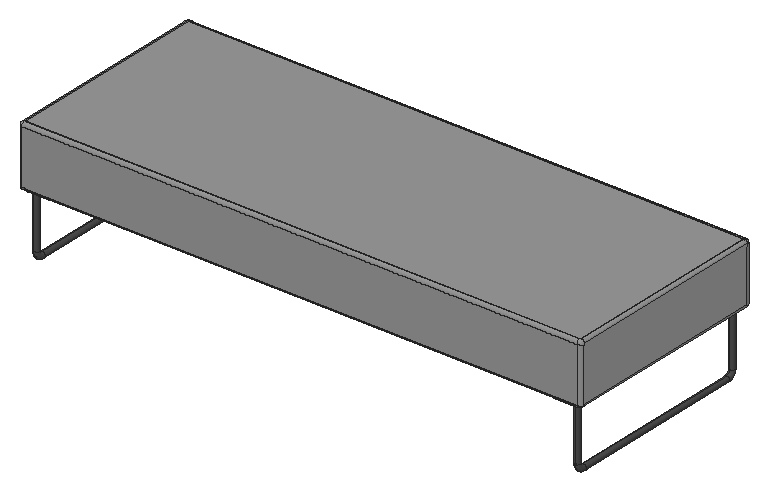
Revit family "Akt Ottoman Triple", category Generic Models, Revit 2018
Family settings
  Can host rebar = No
  Round Connector Dimension = Use Diameter
  Part Type = Normal
  Work Plane-Based = No
  Always vertical = Yes
  Cut with Voids When Loaded = No
  Shared = No
  Room Calculation Point = No
Parameters
  Fabric = Akt Ottoman Triple Fabric
Reference planes (in)
  plane 1 "Center (Front/Back)": y = 0
  plane 2: z = 0
  plane 3 "Center (Left/Right)": x = 0
Forms (in)
  Extrusion 1, solid, material "Akt Frame Black"
    sketch origin (-12.25, 0, 0) x (1, 0, 0) y (0, 1, 0)
      loop
        arc (-22.5, 13.75) -> (-22.71967, 14.28033) -> (-23.25, 14.5) r 0.75
        line (-23.25, 14.5) -> (-25.75, 14.5)
        arc (-25.75, 14.5) -> (-26.28033, 14.28033) -> (-26.5, 13.75) r 0.75
        line (-26.5, 13.75) -> (-26.5, -13.75)
        arc (-26.5, -13.75) -> (-26.28033, -14.28033) -> (-25.75, -14.5) r 0.75
        line (-25.75, -14.5) -> (-23.25, -14.5)
        arc (-23.25, -14.5) -> (-22.71967, -14.28033) -> (-22.5, -13.75) r 0.75
        line (-22.5, -13.75) -> (-22.5, 13.75)
    from 9.05316 to 9.17127
  Sweep 2, solid, material "Akt Frame Black"
    path origin (0, 0, 0) x (0, 1, 0) y (0, 0, 1)
      loop
        line (13.12534, 9.05316) -> (13.12534, 1.3759)
        arc (13.12534, 1.3759) -> (12.94201, 0.93332) -> (12.49944, 0.75) r 0.6259
        line (12.49944, 0.75) -> (-12.49944, 0.75)
        arc (-12.49944, 0.75) -> (-12.94201, 0.93332) -> (-13.12534, 1.3759) r 0.6259
        line (-13.12534, 1.3759) -> (-13.12534, 9.05316)
    profile origin (0, 13.12534, 5.21453) x (1, 0, 0) y (0, 1, 0)
      loop
        circle (-37.75, 0.375) r 0.375
  Extrusion 3, solid, material "Akt Ottoman Triple Fabric" <- "Fabric"
    sketch origin (0, 48, 0) x (1, 0, 0) y (0, 1, 0)
      loop
        line (38.72984, -33.75) -> (-38.72984, -33.75)
        arc (-38.72984, -33.75) -> (-38.7441, -33.7559) -> (-38.75, -33.77016) r 0.02016
        line (-38.75, -33.77016) -> (-38.75, -62.22984)
        arc (-38.75, -62.22984) -> (-38.7441, -62.2441) -> (-38.72984, -62.25) r 0.02016
        line (-38.72984, -62.25) -> (38.72984, -62.25)
        arc (38.72984, -62.25) -> (38.7441, -62.2441) -> (38.75, -62.22984) r 0.02016
        line (38.75, -62.22984) -> (38.75, -33.77016)
        arc (38.75, -33.77016) -> (38.7441, -33.7559) -> (38.72984, -33.75) r 0.02016
    from 9.17127 to 17.54627
  Sweep 4, solid, material "Akt Ottoman Triple Fabric" <- "Fabric"
    path origin (0, 48, 0) x (1, 0, 0) y (0, 1, 0)
      loop
        line (38.72984, -33.75) -> (-38.72984, -33.75)
        arc (-38.72984, -33.75) -> (-38.7441, -33.7559) -> (-38.75, -33.77016) r 0.02016
        line (-38.75, -33.77016) -> (-38.75, -62.22984)
        arc (-38.75, -62.22984) -> (-38.7441, -62.2441) -> (-38.72984, -62.25) r 0.02016
        line (-38.72984, -62.25) -> (38.72984, -62.25)
        arc (38.72984, -62.25) -> (38.7441, -62.2441) -> (38.75, -62.22984) r 0.02016
        line (38.75, -62.22984) -> (38.75, -33.77016)
        arc (38.75, -33.77016) -> (38.7441, -33.7559) -> (38.72984, -33.75) r 0.02016
    profile origin (0, 14.25, 0) x (0, -1, 0) y (0, 0, 1)
      loop
        line (0, 9.17127) -> (0, 17.54627)
        arc (0, 17.54627) -> (-0.35355, 17.39983) -> (-0.5, 17.04627) r 0.5
        line (-0.5, 17.04627) -> (-0.5, 9.42127)
        arc (-0.5, 9.42127) -> (-0.42678, 9.2445) -> (-0.25, 9.17127) r 0.25
        line (-0.25, 9.17127) -> (0, 9.17127)
  Extrusion 5, solid, material "Akt Frame Black"
    sketch origin (12.25, 0, 0) x (-1, 0, 0) y (0, -1, 0)
      loop
        line (-22.5, -13.75) -> (-22.5, 13.75)
        arc (-22.5, 13.75) -> (-22.71967, 14.28033) -> (-23.25, 14.5) r 0.75
        line (-23.25, 14.5) -> (-25.75, 14.5)
        arc (-25.75, 14.5) -> (-26.28033, 14.28033) -> (-26.5, 13.75) r 0.75
        line (-26.5, 13.75) -> (-26.5, -13.75)
        arc (-26.5, -13.75) -> (-26.28033, -14.28033) -> (-25.75, -14.5) r 0.75
        line (-25.75, -14.5) -> (-23.25, -14.5)
        arc (-23.25, -14.5) -> (-22.71967, -14.28033) -> (-22.5, -13.75) r 0.75
    from 9.05316 to 9.17127
  Sweep 6, solid, material "Akt Frame Black"
    path origin (24.5, 0, 0) x (0, 1, 0) y (0, 0, -1)
      loop
        line (13.12534, -9.05316) -> (13.12534, -1.3759)
        arc (13.12534, -1.3759) -> (12.94201, -0.93332) -> (12.49944, -0.75) r 0.6259
        line (12.49944, -0.75) -> (-12.49944, -0.75)
        arc (-12.49944, -0.75) -> (-12.94201, -0.93332) -> (-13.12534, -1.3759) r 0.6259
        line (-13.12534, -1.3759) -> (-13.12534, -9.05316)
    profile origin (24.5, 13.12534, 5.21453) x (-1, 0, 0) y (0, -1, 0)
      loop
        circle (-13.25, -0.375) r 0.375
Dimensions and locks (in)
  aligned and locked: plane 2 to level
